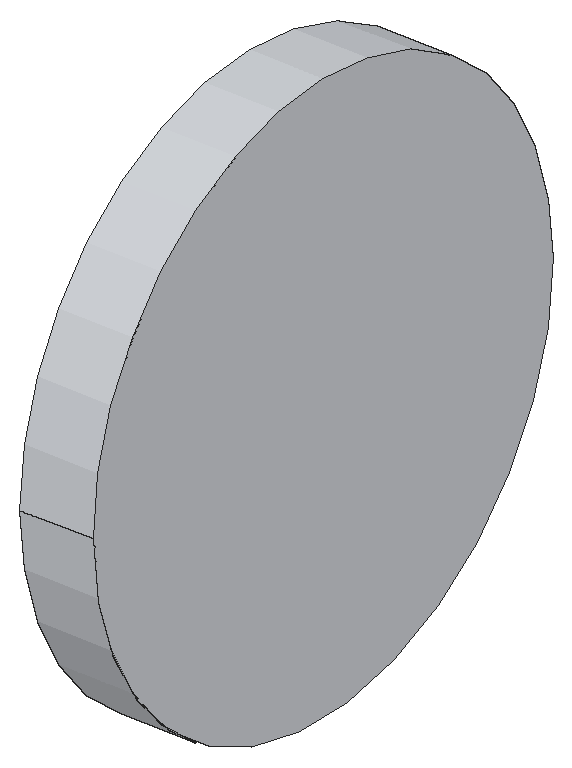
Revit family "507bcd5542b8488c81218db6c5e7206e", category Pipe Fittings, Revit 2021
Family settings
  Round Connector Dimension = Use Radius
  Part Type = Cap
  OmniClass Number = 23.60.30.11.14
  OmniClass Title = Pipework Fittings
  Seek Item ID = Flange - Blind - GI - Class 250-0000-USA-ENU
  Work Plane-Based = No
  Always vertical = Yes
  Cut with Voids When Loaded = No
  Shared = No
Parameters (values of type "Standard")
  Visibility 1 [instance] = Nominal Diameter > 0' 8"  # no
  Tick Size [instance] = Flange Diameter * 0.4  # 1.95276"
  Raised Face Thickness [instance] = 1/16"  # constant formula
  Raised Face Radius [instance] = Raised Face Diameter / 2  # 1.33858"
  Raised Face Diameter [instance] = size_lookup(Lookup Table Name, "RFD", 1.2 * Nominal Diameter + 2 1/256", Nominal Diameter)  # 2.67717"
  Nominal Radius [instance] = 1/2"
  Nominal Diameter [instance] = Nominal Radius * 2  # 1"
  Wall Thickness [instance] = size_lookup(Lookup Table Name, "WThk", 0.05 * Nominal Diameter + 25/64", Nominal Diameter)  # 0.44488"
  Loss Method = Not Defined
  Lookup Table Name = "Flange - Blind - GI - Class 250"
  Length 4 [instance] = Length 2 * sin(Angle)  # 0.44337"
  Length 2 [instance] = if(Port Diameter + Wall Thickness > Length 1 + Flange Thickness, Port Diameter + Wall Thickness, Length 1 + Flange Thickness + 1/16")  # 1.60386"
  Length 1 [instance] = Port Diameter * cos(30.00°)  # 0.85239"
  Port Radius [instance] = Port Diameter / 2  # 0.49213"
  Port Diameter [instance] = size_lookup(Lookup Table Name, "PDia", 0.97 * Nominal Diameter + 13/128", Nominal Diameter)  # 0.98425"
  Flange Thickness [instance] = size_lookup(Lookup Table Name, "FThk", 0.08 * Nominal Diameter + 217/256", Nominal Diameter)  # 0.68898"
  Flange Radius [instance] = Flange Diameter / 2  # 2.44094"
  Flange Diameter [instance] = size_lookup(Lookup Table Name, "FDia", 1.34 * Nominal Diameter + 4 3/16", Nominal Diameter)  # 4.88189"
  Default Elevation = 0' - 0"
  Angle [instance] = acos((Length 1 + Flange Thickness) / Length 2)  # 16.0478°
Reference planes (in)
  plane 1 "Center (Front/Back)": y = 0
  plane 2: z = 0
  plane 3 "Center (Left/Right)": x = 0
  plane 4: y = 1.95276
  plane 5: y = -1.95276
  plane 6: x = 0.68898
  plane 7: x = 0.68898
  plane 8: x = -0.85239
  plane 9: y = 0.44337
  plane 10: x = 0.75148
  plane 11: x = 0.0625
Forms (in)
  Revolve 1, solid, visible <- "Visibility 1", detail levels fine
    sketch origin (0, 0, 0) x (1, 0, 0) y (0, 1, 0)
      loop
        line (0.68898, 0.44337) -> (0.68898, 0) -> (0.75148, 0)
        arc (0.75148, 0) -> (0.73577, 0.22388) -> (0.68898, 0.44337) r 1.60386
      axis (0.75148, 0) -> (0.68898, 0)
    angle from 0 to 360
  Extrusion 2, solid, detail levels fine
    sketch origin (0, 0, 0) x (0, 1, 0) y (0, 0, 1)
      loop
        circle (0, 0) r 1.33858
    from 0 to 0.0625
  Extrusion 3, solid, detail levels fine
    sketch origin (0, 0, 0) x (0, 1, 0) y (0, 0, 1)
      loop
        circle (0, 0) r 2.44094
    from 0.0625 to 0.68898
Cuts and joins
  joined: Extrusion 2, Extrusion 3
Lines and regions (in)
  model lines, detail levels coarse+medium
    curve 1: line (0, 1.95276, 0) -> (0, -1.95276, 0)
Dimensions and locks (in)
  equal spacing: plane 4, plane 1 "Center (Front/Back)", plane 5
  "Tick Size": plane 4 to plane 1 "Center (Front/Back)"
  "Flange Thickness": plane 3 "Center (Left/Right)" to plane 6
  "Length 1": plane 8 to plane 3 "Center (Left/Right)"
  "Length 4": plane 9 to plane 1 "Center (Front/Back)"
  "Length 2": plane 8 to plane 10
  "Raised Face Thickness": plane 3 "Center (Left/Right)" to plane 11
  "Length 2": radius of Revolve 1 sketch curve
  "Raised Face Radius": radius of Extrusion 2 sketch curve
  "Flange Radius": radius of Extrusion 3 sketch curve
  "Angle": angle Revolve 1 sketch curve to Revolve 1 sketch curve
  aligned and locked: plane 4 to curve 1
  aligned and locked: plane 5 to curve 1
  aligned and locked: curve 1 to plane 3 "Center (Left/Right)"
  aligned and locked: plane 9 to Revolve 1 sketch curve
  aligned and locked: Revolve 1 sketch curve to plane 6
  aligned and locked: plane 1 "Center (Front/Back)" to Revolve 1 sketch curve  (x3)
  aligned and locked: plane 6 to Revolve 1 sketch curve
  aligned and locked: plane 10 to Revolve 1 sketch curve
  aligned and locked: plane 8 to Revolve 1 sketch curve
  aligned and locked: Revolve 1 sketch curve to plane 1 "Center (Front/Back)"
  aligned and locked: plane 1 "Center (Front/Back)" to Extrusion 2 sketch curve
  aligned and locked: plane 2 to Extrusion 2 sketch curve
  aligned and locked: Extrusion 2 to plane 3 "Center (Left/Right)"
  aligned and locked: plane 11 to Extrusion 2
  aligned and locked: plane 1 "Center (Front/Back)" to Extrusion 3 sketch curve
  aligned and locked: plane 2 to Extrusion 3 sketch curve
  aligned and locked: Extrusion 3 to plane 11
  aligned and locked: plane 6 to Extrusion 3
Automatic sketch dimensions
  Revolve 1 sketch curve to plane 8 = 3' - 6.67949"
  Revolve 1 sketch curve to Revolve 1 sketch curve = 4' - 7.13202"
Connectors (in)
  piping at (0, 0, 0), diameter 1, driven by "Nominal Radius"
    settings: on cut or joined group of Extrusion 2, Extrusion 3, index 1, connector inside diameter 1", connector length 0' - 0", flow factor 0, pipe flow 0 GPM, pressure drop 0.00 psi, fitting loss kfactor 0, connector angle 0.00°, fixture units 0, engagement length 0' - 0", angle of deflection 0.00°, flow configuration 0, flow direction 0, fitting loss method 0, system type 28, joint type 0, gender type 0, connector reference index -1, connector utility 0, adjustable connector no, is connector primary yes, connector description ""
